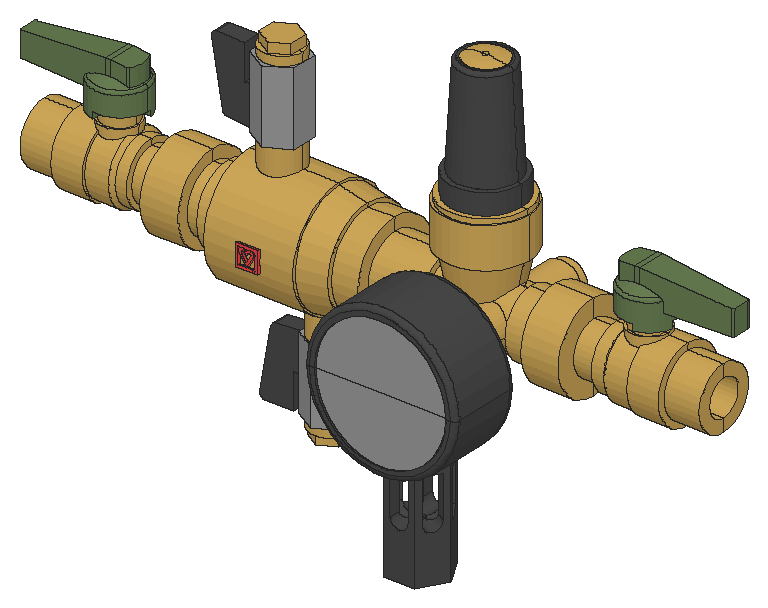
Revit family "Systemtrenner Nachfüll 0305", category Rohrzubehör, Revit 2021
Family settings
  Bemaßung runder Anschluss = Durchmesser verwenden
  Teiletyp = Unterbricht
  OmniClass-Nummer = 23.65.55.14
  OmniClass-Titel = Valves for Liquid Services
  Arbeitsebenenbasiert = Nein
  Immer vertikal = Ja
  Beim Laden mit Abzugskörper schneiden = Nein
  Gemeinsam genutzt = Nein
Parameters
  Vorgabe-Ansicht = 0.000 mm
  Voreingestellter Druck (werkseitig) = 150000.0 Pa  # constant formula
  W02 = 80.00°  # constant formula
  W01 = 45.00°  # constant formula
  URL = "www.herz-armaturen.at"
  SC_NennweiteBerechnet = 0
  SC_Dimension = ""
  SCTWSEQ = "AW;SBT_TYP_AW=\"104\";2"
  SCTWCODE = "04;12;02"  # constant formula
  S08 = 65.000 mm  # constant formula
  S07 = 75.000 mm  # constant formula
  S06 = 27.000 mm  # constant formula
  S05 = 8.000 mm  # constant formula
  S04 = 20.000 mm  # constant formula
  S03 = 40.000 mm  # constant formula
  S02 [instance] = L17 + L18 + L19 + L20 + L21  # 74.900 mm
  S01 [instance] = D02 - 2.000 mm  # 13.200 mm
  R08 = 8.500 mm  # constant formula
  R07 = 31.000 mm  # constant formula
  R06 = 7.300 mm  # constant formula
  R05 = 6.500 mm  # constant formula
  R04 = 7.500 mm  # constant formula
  R03 = 8.500 mm  # constant formula
  R02 = 7.000 mm  # constant formula
  R01 = 8.000 mm  # constant formula
  Nennweite [instance] = 15.000 mm
  Medium = "Wasser"  # constant formula
  Max. Betriebstemperatur (Kurzzeitig) = 85 °C  # constant formula
  Max. Betriebstemperatur = 65 °C  # constant formula
  Max. Betriebsdruck = 1000000.0 Pa  # constant formula
  L29 = 28.800 mm  # constant formula
  L28 = 85.300 mm  # constant formula
  L27 = 44.500 mm  # constant formula
  L26 = 48.500 mm  # constant formula
  L25 = 28.600 mm  # constant formula
  L24 = 10.100 mm  # constant formula
  L23 = 34.000 mm  # constant formula
  L22 = 22.000 mm  # constant formula
  L21 = 11.000 mm  # constant formula
  L20 = 12.000 mm  # constant formula
  L19 = 36.700 mm  # constant formula
  L18 = 8.700 mm  # constant formula
  L17 = 6.500 mm  # constant formula
  L16 = 70.500 mm  # constant formula
  L15 = 18.800 mm  # constant formula
  L14 = 30.000 mm  # constant formula
  L13 = 8.700 mm  # constant formula
  L12 = 4.800 mm  # constant formula
  L11 = 4.000 mm  # constant formula
  L10 = 23.300 mm  # constant formula
  L09 = 26.200 mm  # constant formula
  L08 = 15.500 mm  # constant formula
  L07 [instance] = size_lookup("0305_", "L7", 1.000 mm, Nennweite)  # 53.500 mm
  L06 [instance] = size_lookup("0305_", "L6", 1.000 mm, Nennweite)  # 30.700 mm
  L05 = 4.800 mm  # constant formula
  L04 = 10.000 mm  # constant formula
  L03 = 13.000 mm  # constant formula
  L02 [instance] = size_lookup("0305_", "L2", 1.000 mm, Nennweite)  # 14.600 mm
  L01 [instance] = size_lookup("0305_", "L1", 1.000 mm, Nennweite)  # 56.000 mm
  L00 [instance] = size_lookup("0305_", "L", 1.000 mm, Nennweite)  # 139.500 mm
  IG [instance] = Nennweite / 2  # 7.500 mm
  Hinweis = "Gemäß Art 33 der REACH-Verordnung (EG Nr. 1907/2006) sind wir verpflichtet, darauf hinzuweisen, dass der Stoff Blei auf der SVHC-Liste geführt wird und dass alle aus Messing bestehenden Bauteile, die in unseren Erzeugnissen verarbeitet sind, mehr als 0,1 % (w/w) Blei (CAS: 7439-92-1 / EINECS: 231-100-4) enthalten.\r\nDa Blei als Legierungsbestandteil fest gebunden ist, sind keine Expositionen zu erwarten und daher sind keine zusätzlichen Angaben zur sicheren Verwendung notwendig."
  Hersteller = "HERZ Armaturen Ges.m.b.H."  # constant formula
  Gehäuse = "Messing, CW617N"  # constant formula
  GT [instance] = size_lookup("0305_", "GT", 1.000 mm, Nennweite)  # 12.500 mm
  Einbaulage = "waagerecht"  # constant formula
  Dichtungen = "EPDM entsprechend KTW"  # constant formula
  D18 = 92.300 mm  # constant formula
  D17 = 66.500 mm  # constant formula
  D16 = 66.700 mm  # constant formula
  D15 = 12.200 mm  # constant formula
  D14 = 14.200 mm  # constant formula
  D13 = 19.200 mm  # constant formula
  D12 = 22.800 mm  # constant formula
  D11 = 23.700 mm  # constant formula
  D10 = 16.300 mm  # constant formula
  D09 = 13.500 mm  # constant formula
  D08 = 18.000 mm  # constant formula
  D07 = 22.000 mm  # constant formula
  D06 = 16.000 mm  # constant formula
  D05 = 10.600 mm  # constant formula
  D04 = 12.900 mm  # constant formula
  D03 = 14.400 mm  # constant formula
  D02 = 15.200 mm  # constant formula
  D01 [instance] = size_lookup("0305_", "D1", 1.000 mm, Nennweite)  # 12.600 mm
  Bestellnummer [instance] = if(Nennweite = 15.000 mm, "I030501", if(Nennweite = 20.000 mm, "I030502", "0"))  # "I030501"
  Ausgangsdruck (regelbar) = "0.5-3 bar"  # constant formula
  Anwendung = "Systemtrenner haben gemäß EN 1717 die Aufgabe ein Rückdrücken, Rückfließen oder Rücksaugen von verschmutztem Wasser in das Trinkwassernetz zu verhindern.\r\nDer Einsatzbereich ist überall dort wo eine Verbindung zwischen dem Trinkwassernetz und Nutzwasser durch feste oder flexible Leitungen hergestellt wird.\r\nBevorzugte Anwendungsgebiete sind Enthärtungs-, Entsäuerungs- und Entkarbonisierungsanlagen.\r\nAußerdem können die Systemtrenner in Desinfektionsanlagen oder vor chemischen Reinigungsapparaten eingesetzt werden um das Rückfließen von chemisch belastetem Wasser zu verhindern."
Reference planes
  plane 1 "Mitte (Vorne/hinten)": y = 0
  plane 2: z = 0
  plane 3 "Mitte (Links/rechts)": x = 0
Forms (mm)
  Revolve 1, solid, material "Messing, weicher Gelbton, geschweißt", detail levels fine
    sketch origin (0, 0, 0) x (1, 0, 0) y (0, 0, 1)
      loop
        line (-127, 0) -> (-83.5, 0) -> (-83.5, 10.6) -> (-95.6, 10.6) -> (-95.6, 12.9) -> (-100.4, 12.9) -> (-101.9, 14.4) -> (-111.9, 14.4) -> (-111.9, 15.2) -> (-124.9, 15.2) -> (-124.9, 12.6) -> (-139.5, 12.6) -> (-139.5, 7.5) -> (-127, 7.5) -> (-127, 0)
      axis (-139.5, 0) -> (-83.5, 0)
    angle from 0 to 360
  Revolve 2, solid, material "Messing, weicher Gelbton, geschweißt", detail levels fine
    sketch origin (0, 0, 0) x (1, 0, 0) y (0, 0, 1)
      loop
        line (-100.8, 0) -> (-100.8, 16) -> (-101.8, 16) -> (-101.8, 22) -> (-108.8, 22) -> (-108.8, 0) -> (-100.8, 0)
      axis (-108.8, 22) -> (-108.8, 0)
    angle from 0 to 360
  Revolve 3, solid, material "Messing, weicher Gelbton, geschweißt", detail levels fine
    sketch origin (0, 0, 0) x (-1, 0, 0) y (0, 0, 1)
      loop
        line (-127, 0) -> (-83.5, 0) -> (-83.5, 10.6) -> (-95.6, 10.6) -> (-95.6, 12.9) -> (-100.4, 12.9) -> (-101.9, 14.4) -> (-111.9, 14.4) -> (-111.9, 15.2) -> (-124.9, 15.2) -> (-124.9, 12.6) -> (-139.5, 12.6) -> (-139.5, 7.5) -> (-127, 7.5) -> (-127, 0)
      axis (-139.5, 0) -> (-83.5, 0)
    angle from 0 to 360
  Revolve 4, solid, material "Messing, weicher Gelbton, geschweißt", detail levels fine
    sketch origin (0, 0, 0) x (-1, 0, 0) y (0, 0, 1)
      loop
        line (-100.8, 0) -> (-100.8, 16) -> (-101.8, 16) -> (-101.8, 22) -> (-108.8, 22) -> (-108.8, 0) -> (-100.8, 0)
      axis (-108.8, 22) -> (-108.8, 0)
    angle from 0 to 360
  Revolve 5, solid, material "Kunststoff GRÜN", detail levels fine
    sketch origin (-98.3, 0, 19.6) x (1, 0, 0) y (0, 0, 1)
      loop
        line (-10.5, 0) -> (0.9, 0) -> (0.9, 10.964)
        arc (0.9, 10.964) -> (0.673, 11.758) -> (0.059, 12.311) r 1.5
        line (0.059, 12.311) -> (-8.5, 16.5) -> (-10.5, 16.5) -> (-10.5, 0)
      axis (-10.5, 16.5) -> (-10.5, 0)
    angle from 0 to 360
  Extrusion 6, void
    sketch origin (-98.3, 0, 0) x (1, 0, 0) y (0, 1, 0)
      loop
        arc (-8.4, 11.205) -> (-18.561, 8.061) -> (-21.705, -2.1) r 11.4
        line (-21.705, -2.1) -> (-17.178, -2.1)
        arc (-17.178, -2.1) -> (-15.45, -4.95) -> (-12.6, -6.678) r 7
        line (-12.6, -6.678) -> (-12.6, -11.205)
        arc (-12.6, -11.205) -> (-2.439, -8.061) -> (0.705, 2.1) r 11.4
        line (0.705, 2.1) -> (-3.822, 2.1)
        arc (-3.822, 2.1) -> (-5.55, 4.95) -> (-8.4, 6.678) r 7
        line (-8.4, 6.678) -> (-8.4, 11.205)
    from 19.6 to 22.3
  Extrusion 7, solid, material "Kunststoff GRÜN", detail levels fine
    sketch origin (-98.3, 0, 0) x (1, 0, 0) y (0, 1, 0)
      loop
        line (-48.5, 3.242) -> (-48.5, -3.242)
        arc (-48.5, -3.242) -> (-48.281, -3.792) -> (-47.743, -4.041) r 0.8
        line (-47.743, -4.041) -> (-11.5, -5.987) -> (-9.5, -5.987) -> (-3.01, -5.535)
        arc (-3.01, -5.535) -> (-2.552, -5.387) -> (-2.216, -5.042) r 1
        arc (-2.216, -5.042) -> (-0.852, 0) -> (-2.216, 5.042) r 10
        arc (-2.216, 5.042) -> (-2.552, 5.387) -> (-3.01, 5.535) r 1
        line (-3.01, 5.535) -> (-9.5, 5.987) -> (-10.5, 5.987) -> (-11.5, 5.987) -> (-47.743, 4.041)
        arc (-47.743, 4.041) -> (-48.281, 3.792) -> (-48.5, 3.242) r 0.8
    from 26.6 to 40.1
  Extrusion 8, void
    sketch origin (-108.8, 0, 0) x (1, 0, 0) y (0, 0, 1)
      loop
        line (1, 40.1) -> (10.462, 39.272) -> (10.462, 41.682) -> (-40.279, 41.682) -> (-40.279, 36.664) -> (-1, 40.1) -> (0, 40.1) -> (1, 40.1)
    from 8 to -8
  Revolve 9, solid, material "Kunststoff GRÜN", detail levels fine
    sketch origin (98.3, 0, 19.6) x (-1, 0, 0) y (0, 0, -1)
      loop
        line (-10.5, 0) -> (-10.5, -16.5) -> (-8.5, -16.5) -> (0.059, -12.311)
        arc (0.059, -12.311) -> (0.673, -11.758) -> (0.9, -10.964) r 1.5
        line (0.9, -10.964) -> (0.9, 0) -> (-10.5, 0)
      axis (-10.5, -16.5) -> (-10.5, 0)
    angle from 0 to 360
  Extrusion 10, void
    sketch origin (98.3, 0, 0) x (-1, 0, 0) y (0, -1, 0)
      loop
        line (-8.4, -11.205) -> (-8.4, -6.678)
        arc (-8.4, -6.678) -> (-5.55, -4.95) -> (-3.822, -2.1) r 7
        line (-3.822, -2.1) -> (0.705, -2.1)
        arc (0.705, -2.1) -> (-2.439, 8.061) -> (-12.6, 11.205) r 11.4
        line (-12.6, 11.205) -> (-12.6, 6.678)
        arc (-12.6, 6.678) -> (-15.45, 4.95) -> (-17.178, 2.1) r 7
        line (-17.178, 2.1) -> (-21.705, 2.1)
        arc (-21.705, 2.1) -> (-18.561, -8.061) -> (-8.4, -11.205) r 11.4
    from 19.6 to 22.3
  Extrusion 11, solid, material "Kunststoff GRÜN", detail levels fine
    sketch origin (98.3, 0, 0) x (-1, 0, 0) y (0, -1, 0)
      loop
        arc (-48.5, -3.242) -> (-48.281, -3.792) -> (-47.743, -4.041) r 0.8
        line (-47.743, -4.041) -> (-11.5, -5.987) -> (-10.5, -5.987) -> (-9.5, -5.987) -> (-3.01, -5.535)
        arc (-3.01, -5.535) -> (-2.552, -5.387) -> (-2.216, -5.042) r 1
        arc (-2.216, -5.042) -> (-0.852, 0) -> (-2.216, 5.042) r 10
        arc (-2.216, 5.042) -> (-2.552, 5.387) -> (-3.01, 5.535) r 1
        line (-3.01, 5.535) -> (-9.5, 5.987) -> (-11.5, 5.987) -> (-47.743, 4.041)
        arc (-47.743, 4.041) -> (-48.281, 3.792) -> (-48.5, 3.242) r 0.8
        line (-48.5, 3.242) -> (-48.5, -3.242)
    from 26.6 to 40.1
  Extrusion 12, void
    sketch origin (108.8, 0, 0) x (-1, 0, 0) y (0, 0, -1)
      loop
        line (1, -40.1) -> (0, -40.1) -> (-1, -40.1) -> (-40.279, -36.664) -> (-40.279, -41.682) -> (10.462, -41.682) -> (10.462, -39.272) -> (1, -40.1)
    from 8 to -8
  Revolve 13, solid, material "Messing, weicher Gelbton, geschweißt", detail levels fine
    sketch origin (0, 0, 0) x (1, 0, 0) y (0, 0, 1)
      loop
        line (-86, 0) -> (-70.5, 0) -> (-70.5, 18) -> (-86, 18) -> (-86, 0)
      axis (-86, 0) -> (-70.5, 0)
    angle from 0 to 360
  Revolve 14, solid, material "Messing, weicher Gelbton, geschweißt", detail levels fine
    sketch origin (0, 0, 0) x (-1, 0, 0) y (0, 0, 1)
      loop
        line (-86, 0) -> (-70.5, 0) -> (-70.5, 18) -> (-86, 18) -> (-86, 0)
      axis (-86, 0) -> (-70.5, 0)
    angle from 0 to 360
  Revolve 15, solid, material "Messing, weicher Gelbton, geschweißt", detail levels fine
    sketch origin (0, 0, 0) x (1, 0, 0) y (0, 1, 0)
      loop
        line (59.2, 26.2) -> (59.2, 30.2) -> (51.7, 30.2) -> (51.7, -28.1) -> (58.2, -28.1) -> (58.2, -23.3) -> (60.2, -23.3) -> (60.2, 26.2) -> (59.2, 26.2)
      axis (51.7, 30.2) -> (51.7, -28.1)
    angle from 0 to 360
  Revolve 16, solid, material "Kunststoff - SCHWARZ", detail levels fine
    sketch origin (0, 0, 0) x (1, 0, 0) y (0, 1, 0)
      loop
        line (51.7, -28.1) -> (51.7, -64.8) -> (78.7, -64.8) -> (78.7, -66.8) -> (80.7, -66.8)
        arc (80.7, -66.8) -> (82.114, -66.214) -> (82.7, -64.8) r 2
        line (82.7, -64.8) -> (82.7, -38.8)
        arc (82.7, -38.8) -> (82.114, -37.386) -> (80.7, -36.8) r 2
        line (80.7, -36.8) -> (59, -36.8) -> (59, -28.1) -> (51.7, -28.1)
      axis (51.7, -28.1) -> (51.7, -66.8)
    angle from 0 to 360
  Revolve 17, solid, material "Messing, weicher Gelbton, geschweißt", detail levels fine
    sketch origin (0, 0, 0) x (1, 0, 0) y (0, 0, 1)
      loop
        line (-70.5, 0) -> (70.5, 0) -> (70.5, 13.5) -> (60.4, 13.5) -> (60.4, 12.2) -> (26.4, 12.2) -> (26.4, 14.2) -> (4.4, 14.2) -> (4.4, 19.2) -> (-6.6, 19.2) -> (-6.6, 20.684) -> (-18.6, 22.8) -> (-18.6, 23.7) -> (-55.3, 23.7) -> (-55.3, 16.3) -> (-64, 16.3) -> (-64, 13.5) -> (-70.5, 13.5) -> (-70.5, 0)
      axis (-70.5, 0) -> (70.5, 0)
    angle from 0 to 360
  Revolve 18, solid, material "Messing, weicher Gelbton, geschweißt", detail levels fine
    sketch origin (0, 0, 0) x (1, 0, 0) y (0, 0, 1)
      loop
        line (-41.9, 0) -> (-33.4, 0) -> (-33.4, 66.7) -> (-41.9, 66.7) -> (-41.9, 0)
      axis (-41.9, 0) -> (-41.9, 66.7)
    angle from 0 to 360
  Revolve 19, solid, material "Messing, weicher Gelbton, geschweißt", detail levels fine
    sketch origin (0, 0, 0) x (1, 0, 0) y (0, 0, -1)
      loop
        line (-22, 0) -> (-13.5, 0) -> (-13.5, 66.7) -> (-22, 66.7) -> (-22, 0)
      axis (-22, 0) -> (-22, 66.7)
    angle from 0 to 360
  Extrusion 20, solid, material "Messing, weicher Gelbton, geschweißt", detail levels fine
    sketch origin (0, 0, 0) x (1, 0, 0) y (0, 1, 0)
      loop
        line (-41.9, 7.5) -> (-48.395, 3.75) -> (-48.395, -3.75) -> (-41.9, -7.5) -> (-35.405, -3.75) -> (-35.405, 3.75) -> (-41.9, 7.5)
    from 66.7 <- "D16" to 70.7
  Extrusion 21, solid, material "Messing, weicher Gelbton, geschweißt", detail levels fine
    sketch origin (0, 0, 0) x (1, 0, 0) y (0, 1, 0)
      loop
        line (-22, 7.5) -> (-28.495, 3.75) -> (-28.495, -3.75) -> (-22, -7.5) -> (-15.505, -3.75) -> (-15.505, 3.75) -> (-22, 7.5)
    from -70.7 to -66.7
  Extrusion 22, solid, material "Aluminium 3003-H16", detail levels fine
    sketch origin (0, 0, 0) x (1, 0, 0) y (0, 1, 0)
      loop
        line (-41.9, 10.5) -> (-50.993, 5.25) -> (-50.993, -5.25) -> (-41.9, -10.5) -> (-32.807, -5.25) -> (-32.807, 5.25) -> (-41.9, 10.5)
    from 33.3 to 63.3
  Extrusion 23, solid, material "Aluminium 3003-H16", detail levels fine
    sketch origin (0, 0, 0) x (1, 0, 0) y (0, 1, 0)
      loop
        line (-22, 10.5) -> (-31.093, 5.25) -> (-31.093, -5.25) -> (-22, -10.5) -> (-12.907, -5.25) -> (-12.907, 5.25) -> (-22, 10.5)
    from -63.3 to -33.3
  Extrusion 24, solid, material "Kunststoff - SCHWARZ", detail levels fine
    sketch origin (0, 0, 0) x (1, 0, 0) y (0, 0, 1)
      loop
        line (-31.093, -33.8) -> (-41.854, -34.675)
        arc (-41.854, -34.675) -> (-43.039, -35.189) -> (-43.662, -36.321) r 2
        line (-43.662, -36.321) -> (-48.186, -61.952)
        arc (-48.186, -61.952) -> (-47.748, -63.585) -> (-46.216, -64.3) r 2
        line (-46.216, -64.3) -> (-34.4, -64.3) -> (-34.4, -49.8) -> (-22, -49.8) -> (-22, -33.8) -> (-31.093, -33.8)
    from -3.5 to 3.5
  Extrusion 25, solid, material "Kunststoff - SCHWARZ", detail levels fine
    sketch origin (-20, 0, 0) x (1, 0, 0) y (0, 0, 1)
      loop
        line (-31.093, 33.8) -> (-22, 33.8) -> (-22, 49.8) -> (-34.4, 49.8) -> (-34.4, 64.3) -> (-46.216, 64.3)
        arc (-46.216, 64.3) -> (-47.748, 63.585) -> (-48.186, 61.952) r 2
        line (-48.186, 61.952) -> (-43.662, 36.321)
        arc (-43.662, 36.321) -> (-43.039, 35.189) -> (-41.854, 34.675) r 2
        line (-41.854, 34.675) -> (-31.093, 33.8)
    from -3.5 to 3.5
  Revolve 26, solid, material "Messing, weicher Gelbton, geschweißt", detail levels fine
    sketch origin (0, 0, 0) x (1, 0, 0) y (0, 0, 1)
      loop
        line (-26, 0) -> (9.709, -35.709) -> (14.517, -30.901) -> (13.103, -29.486) -> (14.164, -28.426) -> (11.335, -25.597) -> (12.042, -24.89) -> (-19.424, 6.576) -> (-26, 0)
      axis (-26, 0) -> (9.709, -35.709)
    angle from 0 to 360
  Revolve 27, solid, material "Messing, weicher Gelbton, geschweißt", detail levels fine
    sketch origin (0, 0, 0) x (1, 0, 0) y (0, 0, 1)
      loop
        line (14.8, -48) -> (14.8, -66.5) -> (21.3, -66.5) -> (21.3, -65.5) -> (24.6, -65.5) -> (24.6, -54) -> (23.1, -54) -> (23.1, -50) -> (21.6, -50) -> (21.6, -48) -> (14.8, -48)
      axis (14.8, -48) -> (14.8, -66.5)
    angle from 0 to 360
  SweptBlend 28, solid, material "Messing, weicher Gelbton, geschweißt", detail levels fine
    path origin (0, 0, 0) x (1, 0, 0) y (0, 0, 1)
      loop
        arc (14.8, -48) -> (13.5, -41.338) -> (9.709, -35.709) r 17.079
    profile origin (14.8, 0, -48) x (-0.999973, 0, 0.007372) y (0, -1, 0)
      loop
        circle (0, 0) r 6.8
    end profile origin (9.709, 0, -35.709) x (-0.701878, 0, -0.712297) y (0, -1, 0)
      loop
        circle (0, 0) r 6.8
  Extrusion 29, solid, material "Kunststoff - SCHWARZ", detail levels fine
    sketch origin (1.983, -7.4, 0) x (0.866025, 0.5, 0) y (-0.5, 0.866025, 0)
      loop
        line (14.8, 12.5) -> (3.975, 6.25) -> (3.975, -6.25) -> (14.8, -12.5) -> (25.625, -6.25) -> (25.625, 6.25) -> (14.8, 12.5)
    from -107 to -58
  Extrusion 30, void
    sketch origin (0, 0, 0) x (1, 0, 0) y (0, 0, 1)
      loop
        line (11.05, -66.5) -> (11.05, -84.05)
        arc (11.05, -84.05) -> (14.8, -87.8) -> (18.55, -84.05) r 3.75
        line (18.55, -84.05) -> (18.55, -66.5) -> (11.05, -66.5)
    from 1 to 12
  Extrusion 31, void
    sketch origin (22.2, 12.817, 0) x (-0.5, -0.866025, 0) y (0, 0, -1)
      loop
        line (11.05, 66.5) -> (18.55, 66.5) -> (18.55, 84.05)
        arc (18.55, 84.05) -> (14.8, 87.8) -> (11.05, 84.05) r 3.75
        line (11.05, 84.05) -> (11.05, 66.5)
    from -12 to -1
  Extrusion 32, void
    sketch origin (22.2, -12.817, 0) x (-0.5, 0.866025, 0) y (0, 0, 1)
      loop
        line (11.05, -66.5) -> (11.05, -84.05)
        arc (11.05, -84.05) -> (14.8, -87.8) -> (18.55, -84.05) r 3.75
        line (18.55, -84.05) -> (18.55, -66.5) -> (11.05, -66.5)
    from -12 to -1
  Extrusion 33, void
    sketch origin (0, 0, 0) x (1, 0, 0) y (0, 0, 1)
      loop
        line (11.05, -66.5) -> (11.05, -84.05)
        arc (11.05, -84.05) -> (14.8, -87.8) -> (18.55, -84.05) r 3.75
        line (18.55, -84.05) -> (18.55, -66.5) -> (11.05, -66.5)
    from -12 to -1
  Extrusion 34, void
    sketch origin (22.2, -12.817, 0) x (-0.5, 0.866025, 0) y (0, 0, -1)
      loop
        line (11.05, 66.5) -> (18.55, 66.5) -> (18.55, 84.05)
        arc (18.55, 84.05) -> (14.8, 87.8) -> (11.05, 84.05) r 3.75
        line (11.05, 84.05) -> (11.05, 66.5)
    from -12 to -1
  Extrusion 35, void
    sketch origin (22.2, 12.817, 0) x (-0.5, -0.866025, 0) y (0, 0, 1)
      loop
        line (11.05, -66.5) -> (11.05, -84.05)
        arc (11.05, -84.05) -> (14.8, -87.8) -> (18.55, -84.05) r 3.75
        line (18.55, -84.05) -> (18.55, -66.5) -> (11.05, -66.5)
    from -12 to -1
  Extrusion 36, void
    sketch origin (0, 0, 0) x (1, 0, 0) y (0, 1, 0)
      loop
        circle (14.8, 0) r 2
    from -88.4 to -66.5
  Revolve 37, solid, material "Messing, weicher Gelbton, geschweißt", detail levels fine
    sketch origin (0, 0, 0) x (1, 0, 0) y (0, 0, 1)
      loop
        line (41.7, 0) -> (52.967, 0) -> (57.7, 22.6) -> (59.7, 22.6) -> (59.7, 39.2) -> (58.9, 39.2) -> (58.9, 41.2) -> (41.7, 41.2) -> (41.7, 0)
      axis (41.7, 41.2) -> (41.7, 0)
    angle from 0 to 360
  Revolve 38, solid, material "Kunststoff - SCHWARZ", detail levels fine
    sketch origin (0, 0, 0) x (1, 0, 0) y (0, 0, 1)
      loop
        line (41.7, 41.2) -> (56.7, 41.2) -> (56.7, 49.7) -> (54.7, 49.7) -> (52.769, 89.772)
        arc (52.769, 89.772) -> (52.305, 90.786) -> (51.271, 91.2) r 1.5
        line (51.271, 91.2) -> (41.7, 91.2) -> (41.7, 41.2)
      axis (41.7, 91.2) -> (41.7, 41.2)
    angle from 0 to 360
  Revolve 39, solid, material "Messing, weicher Gelbton, geschweißt", detail levels fine
    sketch origin (0, 0, 0) x (1, 0, 0) y (0, 0, 1)
      loop
        line (41.7, 90.224) -> (50.2, 90.224) -> (50.2, 91.262)
        arc (50.2, 91.262) -> (46.695, 92.029) -> (43.118, 92.3) r 25.716
        line (43.118, 92.3) -> (41.7, 92.3) -> (41.7, 90.224)
      axis (41.7, 92.3) -> (41.7, 90.224)
    angle from 0 to 360
  Revolve 40, solid, material "Acetalharz, Weiß", detail levels fine
    sketch origin (0, 0, 0) x (1, 0, 0) y (0, 1, 0)
      loop
        line (51.7, -64.8) -> (51.7, -66.3) -> (78.7, -66.3) -> (78.7, -64.8) -> (51.7, -64.8)
      axis (51.7, -66.3) -> (51.7, -64.8)
    angle from 0 to 360
Cuts and joins
  Extrusion 6, Extrusion 10 cuts Revolve 5
  Extrusion 8, Extrusion 12 cuts Extrusion 7
  Extrusion 10 cuts Revolve 2
  Extrusion 10 cuts Revolve 9
  Extrusion 12 cuts Extrusion 11
  Extrusion 30, Extrusion 31, Extrusion 32, Extrusion 33, Extrusion 34, Extrusion 35, Extrusion 36 cuts Revolve 27
  Extrusion 30, Extrusion 31, Extrusion 32, Extrusion 33, Extrusion 34, Extrusion 35, Extrusion 36 cuts Extrusion 29
Lines and regions (mm)
  model lines
    curve 1: line (-70.5, 0, 0) -> (4.4, 0, 0)
  model lines, detail levels coarse+medium
    curve 2: line (-139.5, 0, 15.2) -> (-139.5, 0, -15.2)
    curve 3: line (-139.5, 0, -15.2) -> (-83.5, 0, 15.2)
    curve 4: line (-83.5, 0, 15.2) -> (-83.5, 0, -15.2)
    curve 5: line (-83.5, 0, -15.2) -> (-139.5, 0, 15.2)
    curve 6: circle (-111.5, 0, 0) r 13.2 normal (0, -1, 0)
    curve 7: line (139.5, 0, 15.2) -> (139.5, 0, -15.2)
    curve 8: line (139.5, 0, -15.2) -> (83.5, 0, 15.2)
    curve 9: line (83.5, 0, 15.2) -> (83.5, 0, -15.2)
    curve 10: line (83.5, 0, -15.2) -> (139.5, 0, 15.2)
    curve 11: circle (111.5, 0, 0) r 13.2 normal (0, 1, 0)
    curve 12: line (-70.5, 0, 23.7) -> (4.4, 0, 23.7)
    curve 13: line (-70.5, 0, -23.7) -> (-70.5, 0, 23.7)
    curve 14: line (4.4, 0, -23.7) -> (-70.5, 0, -23.7)
    curve 15: line (4.4, 0, 23.7) -> (4.4, 0, -23.7)
    curve 16: line (-83.5, 0, 0) -> (-70.5, 0, 0)
    curve 17: line (-70.5, 0, 15.7) -> (-30.5, 0, 15.7)
    curve 18: line (-15.6, 0, 15.7) -> (4.4, 0, 15.7)
    curve 19: line (-70.5, 0, -15.7) -> (-30.5, 0, -15.7)
    curve 20: line (-15.6, 0, -15.7) -> (4.4, 0, -15.7)
    curve 21: line (4.4, 0, 0) -> (83.5, 0, 0)
    curve 22: circle (51.592, 0, 47) r 27 normal (0, -1, 0)
    curve 23: line (35.682, 0, 31.09) -> (67.502, 0, 62.91)
    curve 24: line (67.502, 0, 62.91) -> (67.502, 0, 52.91)
    curve 25: line (67.502, 0, 62.91) -> (57.502, 0, 62.91)
    curve 26: line (51.592, 0, 20) -> (51.592, 0, 0)
    curve 27: line (4.4, 0, -23.7) -> (4.4, 0, -75)
    curve 28: line (-8.1, 0, -65) -> (16.9, 0, -65)
    curve 29: line (-139.5, 15.2, 0) -> (-139.5, -15.2, 0)
    curve 30: line (-139.5, -15.2, 0) -> (-83.5, 15.2, 0)
    curve 31: line (-83.5, 15.2, 0) -> (-83.5, -15.2, 0)
    curve 32: line (-83.5, -15.2, 0) -> (-139.5, 15.2, 0)
    curve 33: circle (-111.5, 0, 0) r 13.2 normal (0, 0, 1)
    curve 34: line (139.5, 15.2, 0) -> (139.5, -15.2, 0)
    curve 35: line (139.5, -15.2, 0) -> (83.5, 15.2, 0)
    curve 36: line (83.5, 15.2, 0) -> (83.5, -15.2, 0)
    curve 37: line (83.5, -15.2, 0) -> (139.5, 15.2, 0)
    curve 38: circle (111.5, 0, 0) r 13.2 normal (0, 0, -1)
    curve 39: circle (41.3, 36.063, 0) r 27 normal (0, 0, 1)
    curve 40: line (25.39, 20.154, 0) -> (57.21, 51.973, 0)
    curve 41: line (57.21, 51.973, 0) -> (57.21, 41.973, 0)
    curve 42: line (57.21, 51.973, 0) -> (47.21, 51.973, 0)
    curve 43: line (41.3, 9.063, 0) -> (41.3, 0, 0)
    curve 44: line (-70.5, 23.7, 0) -> (4.4, 23.7, 0)
    curve 45: line (-70.5, -23.7, 0) -> (-70.5, 23.7, 0)
    curve 46: line (4.4, -23.7, 0) -> (-70.5, -23.7, 0)
    curve 47: line (4.4, 23.7, 0) -> (4.4, -23.7, 0)
    curve 48: line (-70.5, 15.7, 0) -> (-30.5, 15.7, 0)
    curve 49: line (4.4, 15.7, 0) -> (-15.6, 15.7, 0)
    curve 50: line (-70.5, -15.7, 0) -> (-30.5, -15.7, 0)
    curve 51: line (4.4, -15.7, 0) -> (-15.6, -15.7, 0)
    curve 52: line (4.4, -23.7, 0) -> (4.4, -75, 0)
    curve 53: line (-8.1, -65, 0) -> (16.9, -65, 0)
Dimensions and locks
  "IG": Revolve 1 sketch curve to plane 2
  "L01": Revolve 1 sketch curve to Revolve 1 sketch curve
  "L02": Revolve 1 sketch curve to Revolve 1 sketch curve
  "L03": Revolve 1 sketch curve to Revolve 1 sketch curve
  "L04": Revolve 1 sketch curve to Revolve 1 sketch curve
  "L05": Revolve 1 sketch curve to Revolve 1 sketch curve
  "D01": Revolve 1 sketch curve to plane 2
  "D02": Revolve 1 sketch curve to Revolve 1 sketch curve
  "D03": Revolve 1 sketch curve to plane 2
  "D04": Revolve 1 sketch curve to plane 2
  "D05": Revolve 1 sketch curve to plane 2
  "R01": Revolve 2 sketch curve to Revolve 2 sketch curve
  "L06": Revolve 1 to Revolve 2 sketch curve
  "D06": Revolve 2 sketch curve to plane 2
  "R02": Revolve 2 sketch curve to Revolve 2 sketch curve
  "D07": Revolve 2 sketch curve to plane 2
  "L00": plane 3 "Mitte (Links/rechts)" to Revolve 1 sketch curve
  "L01": Revolve 3 sketch curve to Revolve 3 sketch curve
  "L02": Revolve 3 sketch curve to Revolve 3 sketch curve
  "L03": Revolve 3 sketch curve to Revolve 3 sketch curve
  "L04": Revolve 3 sketch curve to Revolve 3 sketch curve
  "L05": Revolve 3 sketch curve to Revolve 3 sketch curve
  "D02": Revolve 3 sketch curve to Revolve 3 sketch curve
  "R01": Revolve 4 sketch curve to Revolve 4 sketch curve
  "L06": Revolve 3 to Revolve 4 sketch curve
  "R02": Revolve 4 sketch curve to Revolve 4 sketch curve
  "L00": plane 3 "Mitte (Links/rechts)" to Revolve 3 sketch curve
  "L06": Revolve 5 sketch curve to Revolve 1
  cut or joined group of Revolve 5, Extrusion 6, Extrusion 10 to plane 2 = 22.300 mm
  Extrusion 10 to plane 2 = 22.300 mm
  "L06": Revolve 9 sketch curve to Revolve 3
  "L07": Revolve 13 sketch curve to Revolve 1
  "L08": Revolve 13 sketch curve to Revolve 13 sketch curve
  "D08": Revolve 13 sketch curve to plane 2
  "L08": Revolve 14 sketch curve to Revolve 14 sketch curve
  "L07": Revolve 14 sketch curve to Revolve 3
  "D08": Revolve 14 sketch curve to plane 2
  "IG": Revolve 3 sketch curve to plane 2
  "D01": Revolve 3 sketch curve to plane 2
  "D05": Revolve 3 sketch curve to plane 2
  "D04": Revolve 3 sketch curve to plane 2
  "D03": Revolve 3 sketch curve to plane 2
  "D06": Revolve 4 sketch curve to plane 2
  "D07": Revolve 4 sketch curve to plane 2
  "L06": Extrusion 11 sketch curve to Revolve 3
  "L06": Revolve 1 to Extrusion 7 sketch curve
  cut or joined group of Extrusion 7, Extrusion 8, Extrusion 12 to Extrusion 7 sketch curve = 38.000 mm
  Extrusion 11 sketch curve to cut or joined group of Extrusion 11, Extrusion 12 = 38.000 mm
  "L06": Revolve 1 to Extrusion 8 sketch curve
  "L06": Extrusion 12 sketch curve to Revolve 3
  "R03": Revolve 15 sketch curve to Revolve 15 sketch curve
  "L09": plane 1 "Mitte (Vorne/hinten)" to Revolve 15 sketch curve
  "L10": Revolve 15 sketch curve to plane 1 "Mitte (Vorne/hinten)"
  "R04": Revolve 15 sketch curve to Revolve 15 sketch curve
  "L11": Revolve 15 sketch curve to Revolve 15 sketch curve
  "R05": Revolve 15 sketch curve to Revolve 15 sketch curve
  "L15": Revolve 15 sketch curve to Revolve 14
  "L12": Revolve 15 sketch curve to Revolve 15 sketch curve
  "R06": Revolve 15 sketch curve to Revolve 16 sketch curve
  "L13": Revolve 16 sketch curve to Revolve 16 sketch curve
  "R07": Revolve 15 sketch curve to Revolve 16 sketch curve
  "L14": Revolve 16 sketch curve to Revolve 16 sketch curve
  "R07": Revolve 16 sketch curve to Revolve 16 sketch curve
  Revolve 16 sketch curve to Revolve 16 sketch curve = 7.300 mm
  "GT": Revolve 1 sketch curve to Revolve 1 sketch curve
  "GT": Revolve 3 sketch curve to Revolve 3 sketch curve
  "L16": plane 3 "Mitte (Links/rechts)" to Revolve 17 sketch curve
  "L17": Revolve 17 sketch curve to Revolve 17 sketch curve
  "L18": Revolve 17 sketch curve to Revolve 17 sketch curve
  "L19": Revolve 17 sketch curve to Revolve 17 sketch curve
  "L20": Revolve 17 sketch curve to Revolve 17 sketch curve
  "L21": Revolve 17 sketch curve to Revolve 17 sketch curve
  "L22": Revolve 17 sketch curve to Revolve 17 sketch curve
  "L23": Revolve 17 sketch curve to Revolve 17 sketch curve
  "L24": Revolve 17 sketch curve to Revolve 17 sketch curve
  "D09": Revolve 17 sketch curve to plane 2  (x2)
  "D10": Revolve 17 sketch curve to plane 2
  "D11": Revolve 17 sketch curve to plane 2
  "D15": Revolve 17 sketch curve to plane 2
  "D14": Revolve 17 sketch curve to plane 2
  "D13": Revolve 17 sketch curve to plane 2
  "D12": Revolve 17 sketch curve to plane 2
  "L06": Revolve 1 to Extrusion 6 sketch curve
  "L06": Extrusion 10 sketch curve to Revolve 3
  "L25": Revolve 13 to Revolve 18 sketch curve
  "R08": Revolve 18 sketch curve to Revolve 18 sketch curve
  "D16": Revolve 18 sketch curve to plane 2
  "R08": Revolve 19 sketch curve to Revolve 19 sketch curve
  "L26": Revolve 13 to Revolve 19 sketch curve
  "D16": plane 2 to Revolve 19 sketch curve
  "L25": Revolve 13 to Extrusion 20 sketch curve
  "L26": Revolve 13 to Extrusion 21 sketch curve
  "L25": Revolve 13 to Extrusion 22 sketch curve
  "L26": Revolve 13 to Extrusion 23 sketch curve
  "L27": Revolve 13 to Revolve 26 sketch curve
  "L28": Revolve 13 to Revolve 27 sketch curve
  "L29": Revolve 37 sketch curve to Revolve 14
  "D18": Revolve 39 sketch curve to plane 2
  Revolve 37 sketch curve to Revolve 37 sketch curve = 11.267 mm
  "D11": nested 1 to plane 1 "Mitte (Vorne/hinten)"
  "D02": curve 5 to plane 2 to curve 3
  "D02": curve 4 to plane 2 to curve 5
  "L00": plane 3 "Mitte (Links/rechts)" to curve 2
  "L01": curve 2 to curve 4
  "D02": curve 10 to plane 2 to curve 8
  "D02": curve 9 to plane 2 to curve 10
  "L00": curve 7 to plane 3 "Mitte (Links/rechts)"
  "L01": curve 9 to curve 7
  "L16": plane 3 "Mitte (Links/rechts)" to curve 13
  "S02": curve 15 to curve 13
  "D11": curve 12 to plane 2 to curve 14
  "S05": curve 19 to curve 14
  "S05": curve 12 to curve 17
  "S05": curve 12 to curve 18
  "S05": curve 20 to curve 14
  "S04": curve 18 to curve 15
  "S03": curve 17 to curve 13
  "S03": curve 19 to curve 13
  "S04": curve 20 to curve 15
  "S07": plane 2 to curve 27
  "S08": plane 2 to curve 28
  "L00": curve 29 to plane 3 "Mitte (Links/rechts)"
  "L01": curve 29 to curve 31
  "D02": curve 30 to plane 1 "Mitte (Vorne/hinten)" to curve 32
  "D02": curve 32 to plane 1 "Mitte (Vorne/hinten)" to curve 31
  equal spacing: curve 29, curve 33, curve 31
  equal spacing: curve 2, curve 6, curve 4
  equal spacing: curve 9, curve 11, curve 7
  "L01": curve 34 to curve 36
  "D02": curve 35 to plane 1 "Mitte (Vorne/hinten)" to curve 37
  "D02": curve 37 to plane 1 "Mitte (Vorne/hinten)" to curve 36
  equal spacing: curve 34, curve 38, curve 36
  "L00": plane 3 "Mitte (Links/rechts)" to curve 34
  "L16": curve 45 to plane 3 "Mitte (Links/rechts)"
  "S02": curve 45 to curve 47
  "D11": curve 46 to plane 1 "Mitte (Vorne/hinten)" to curve 44
  "S05": curve 48 to curve 44
  "S05": curve 44 to curve 49
  "S05": curve 51 to curve 46
  "S05": curve 46 to curve 50
  "S03": curve 45 to curve 48
  "S04": curve 49 to curve 47
  "S04": curve 51 to curve 47
  "S03": curve 45 to curve 50
  "S07": curve 52 to plane 1 "Mitte (Vorne/hinten)"
  "S08": curve 53 to plane 1 "Mitte (Vorne/hinten)"
  radius of cut or joined group of Extrusion 7, Extrusion 8, Extrusion 12 = 10.000 mm
  radius of cut or joined group of Extrusion 11, Extrusion 12 = 10.000 mm
  "S01": radius of curve 6
  "S01": radius of curve 11
  "S06": radius of curve 22
  "S01": radius of curve 33
  "S01": radius of curve 38
  "S06": radius of curve 39
  "W01": angle Revolve 1 sketch curve to Revolve 1 sketch curve
  "W01": angle Revolve 3 sketch curve to Revolve 3 sketch curve
  "W02": angle Revolve 17 sketch curve to Revolve 17 sketch curve
  "W01": angle Revolve 26 sketch curve to plane 2
  "W01": angle curve 23 to curve 24
  "W01": angle curve 25 to curve 23
  "W01": angle curve 40 to curve 41
  "W01": angle curve 42 to curve 40
  aligned and locked: level to plane 2
Automatic sketch dimensions
  Extrusion 24 sketch curve to plane 3 "Mitte (Links/rechts)" = 48.186 mm
  Extrusion 24 sketch curve to Extrusion 24 sketch curve = 1.970 mm  (x2)
  Extrusion 24 sketch curve to Extrusion 24 sketch curve = 4.524 mm
  Extrusion 24 sketch curve to Extrusion 24 sketch curve = 1.807 mm
  Extrusion 24 sketch curve to Extrusion 24 sketch curve = 7.292 mm
  Extrusion 24 sketch curve to Extrusion 24 sketch curve = 10.761 mm
  Extrusion 24 sketch curve to Extrusion 24 sketch curve = 12.400 mm
  Extrusion 24 sketch curve to level = 64.300 mm
  Extrusion 24 sketch curve to Extrusion 24 sketch curve = 2.000 mm
  Extrusion 24 sketch curve to Extrusion 24 sketch curve = 14.500 mm
  Extrusion 24 sketch curve to Extrusion 24 sketch curve = 13.132 mm
  Extrusion 24 sketch curve to Extrusion 24 sketch curve = 0.348 mm
  Extrusion 24 sketch curve to Extrusion 24 sketch curve = 0.875 mm
  plane 3 "Mitte (Links/rechts)" to Extrusion 25 sketch curve = 68.186 mm
  Extrusion 25 sketch curve to Extrusion 25 sketch curve = 1.970 mm  (x2)
  Extrusion 25 sketch curve to Extrusion 25 sketch curve = 4.524 mm
  Extrusion 25 sketch curve to level = 34.675 mm
  Extrusion 25 sketch curve to Extrusion 25 sketch curve = 1.807 mm
  Extrusion 25 sketch curve to Extrusion 25 sketch curve = 7.292 mm
  Extrusion 25 sketch curve to Extrusion 25 sketch curve = 10.761 mm
  Extrusion 25 sketch curve to Extrusion 25 sketch curve = 12.400 mm
  Extrusion 25 sketch curve to Extrusion 25 sketch curve = 1.646 mm
  Extrusion 25 sketch curve to Extrusion 25 sketch curve = 13.132 mm
  Extrusion 25 sketch curve to Extrusion 25 sketch curve = 12.152 mm
  Extrusion 25 sketch curve to Extrusion 25 sketch curve = 0.348 mm
  Extrusion 25 sketch curve to Extrusion 25 sketch curve = 0.875 mm
  SweptBlend 28 sketch curve to plane 3 "Mitte (Links/rechts)" = 2.278 mm
  SweptBlend 28 sketch curve to level = 47.874 mm
  plane 3 "Mitte (Links/rechts)" to SweptBlend 28 sketch curve = 9.709 mm
  SweptBlend 28 sketch curve to SweptBlend 28 sketch curve = 5.091 mm
  SweptBlend 28 sketch curve to SweptBlend 28 sketch curve = 0.126 mm
  plane 1 "Mitte (Vorne/hinten)" to SweptBlend 28 sketch curve = 0.000 mm  (x2)
  SweptBlend 28 sketch curve to profile plane = 0.000 mm  (x2)
  plane 1 "Mitte (Vorne/hinten)" to Extrusion 29 sketch curve = 0.000 mm  (x2)
  plane 3 "Mitte (Links/rechts)" to Extrusion 29 sketch curve = 2.300 mm
  Extrusion 29 sketch curve to Extrusion 29 sketch curve = 10.825 mm  (x3)
  Extrusion 29 sketch curve to Extrusion 29 sketch curve = 12.500 mm  (x2)
  Extrusion 29 sketch curve to Extrusion 29 sketch curve = 6.250 mm  (x2)
  plane 3 "Mitte (Links/rechts)" to Extrusion 30 sketch curve = 11.050 mm
  Extrusion 30 sketch curve to Extrusion 30 sketch curve = 3.750 mm
  Extrusion 30 sketch curve to level = 84.050 mm
  Extrusion 30 sketch curve to Extrusion 30 sketch curve = 17.550 mm
  Extrusion 30 sketch curve to Extrusion 30 sketch curve = 0.000 mm
  Extrusion 31 sketch curve to level = 66.500 mm
  Extrusion 31 sketch curve to Extrusion 31 sketch curve = 3.750 mm
  Extrusion 31 sketch curve to Extrusion 31 sketch curve = 17.550 mm
  Extrusion 31 sketch curve to Extrusion 31 sketch curve = 0.000 mm
  Extrusion 32 sketch curve to level = 66.500 mm
  Extrusion 32 sketch curve to Extrusion 32 sketch curve = 3.750 mm
  Extrusion 32 sketch curve to Extrusion 32 sketch curve = 17.550 mm
  Extrusion 32 sketch curve to Extrusion 32 sketch curve = 0.000 mm
  plane 3 "Mitte (Links/rechts)" to Extrusion 33 sketch curve = 11.050 mm
  Extrusion 33 sketch curve to Extrusion 33 sketch curve = 3.750 mm
  Extrusion 33 sketch curve to level = 84.050 mm
  Extrusion 33 sketch curve to Extrusion 33 sketch curve = 17.550 mm
  Extrusion 33 sketch curve to Extrusion 33 sketch curve = 0.000 mm
  Extrusion 34 sketch curve to level = 66.500 mm
  Extrusion 34 sketch curve to Extrusion 34 sketch curve = 3.750 mm
  Extrusion 34 sketch curve to Extrusion 34 sketch curve = 17.550 mm
  Extrusion 34 sketch curve to Extrusion 34 sketch curve = 0.000 mm
  Extrusion 35 sketch curve to level = 66.500 mm
  Extrusion 35 sketch curve to Extrusion 35 sketch curve = 3.750 mm
  Extrusion 35 sketch curve to Extrusion 35 sketch curve = 17.550 mm
  Extrusion 35 sketch curve to Extrusion 35 sketch curve = 0.000 mm
  plane 1 "Mitte (Vorne/hinten)" to Extrusion 36 sketch curve = 0.000 mm
  plane 3 "Mitte (Links/rechts)" to Extrusion 36 sketch curve = 14.800 mm
  plane 3 "Mitte (Links/rechts)" to Revolve 38 sketch curve = 41.700 mm
  Revolve 38 sketch curve to Revolve 38 sketch curve = 9.571 mm
  Revolve 38 sketch curve to Revolve 38 sketch curve = 1.498 mm
  Revolve 38 sketch curve to Revolve 38 sketch curve = 13.000 mm
  Revolve 38 sketch curve to Revolve 38 sketch curve = 2.000 mm
  level to Revolve 38 sketch curve = 41.200 mm
  Revolve 38 sketch curve to Revolve 38 sketch curve = 8.500 mm
  Revolve 38 sketch curve to Revolve 38 sketch curve = 40.000 mm
  Revolve 38 sketch curve to Revolve 38 sketch curve = 0.072 mm
  Revolve 38 sketch curve to Revolve 38 sketch curve = 0.000 mm  (x3)
  plane 3 "Mitte (Links/rechts)" to Revolve 40 sketch curve = 51.700 mm
  Revolve 40 sketch curve to Revolve 40 sketch curve = 27.000 mm
  plane 1 "Mitte (Vorne/hinten)" to Revolve 40 sketch curve = 66.300 mm
  Revolve 40 sketch curve to Revolve 40 sketch curve = 1.500 mm
  Revolve 40 sketch curve to Revolve 40 sketch curve = 0.000 mm  (x3)
  curve 26 to level = 0.000 mm
  curve 11 to level = 0.000 mm
  curve 6 to level = 0.000 mm
  curve 16 to level = 0.000 mm
  curve 28 to plane 3 "Mitte (Links/rechts)" = 8.100 mm
  curve 27 to curve 28 = 12.500 mm
  curve 26 to curve 8 = 31.908 mm
  level to curve 26 = 20.000 mm
  plane 1 "Mitte (Vorne/hinten)" to curve 43 = 0.000 mm
  plane 1 "Mitte (Vorne/hinten)" to curve 1 = 0.000 mm
  plane 1 "Mitte (Vorne/hinten)" to curve 33 = 0.000 mm
  plane 1 "Mitte (Vorne/hinten)" to curve 38 = 0.000 mm
  curve 44 to curve 39 = 36.900 mm
  curve 39 to curve 40 = 15.910 mm
  curve 39 to plane 1 "Mitte (Vorne/hinten)" = 36.063 mm
  curve 39 to curve 41 = 15.910 mm
  curve 53 to plane 3 "Mitte (Links/rechts)" = 8.100 mm
  curve 52 to curve 53 = 12.500 mm
  curve 40 to curve 43 = 15.910 mm
  Revolve 1 sketch curve to level = 0.000 mm  (x2)
  Revolve 1 sketch curve to Revolve 1 sketch curve = 1236.530 mm
  plane 3 "Mitte (Links/rechts)" to Revolve 1 sketch curve = 1839.148 mm
  Revolve 2 sketch curve to level = 0.000 mm  (x2)
  Revolve 2 sketch curve to Revolve 2 sketch curve = 0.000 mm
  Revolve 2 sketch curve to Revolve 2 sketch curve = 6.000 mm
  Revolve 3 sketch curve to level = 0.000 mm  (x2)
  Revolve 3 sketch curve to Revolve 3 sketch curve = 1236.530 mm
  plane 3 "Mitte (Links/rechts)" to Revolve 3 sketch curve = 1839.148 mm
  Revolve 4 sketch curve to level = 0.000 mm  (x2)
  Revolve 4 sketch curve to Revolve 4 sketch curve = 0.000 mm
  Revolve 4 sketch curve to Revolve 4 sketch curve = 6.000 mm
  Revolve 5 sketch curve to Revolve 5 sketch curve = 2.000 mm
  Revolve 5 sketch curve to Revolve 5 sketch curve = 7.900 mm
  level to Revolve 5 sketch curve = 31.911 mm
  Revolve 5 sketch curve to Revolve 5 sketch curve = 0.659 mm
  Revolve 5 sketch curve to Revolve 5 sketch curve = 1.500 mm
  Revolve 5 sketch curve to Revolve 5 sketch curve = 10.964 mm
  Revolve 5 sketch curve to Revolve 5 sketch curve = 5.536 mm
  Revolve 5 sketch curve to Revolve 5 sketch curve = 0.000 mm  (x3)
  Extrusion 6 sketch curve to Extrusion 6 sketch curve = 0.000 mm  (x6)
  plane 1 "Mitte (Vorne/hinten)" to Extrusion 6 sketch curve = 0.000 mm
  Extrusion 6 sketch curve to Extrusion 6 sketch curve = 2.100 mm
  plane 1 "Mitte (Vorne/hinten)" to Extrusion 6 sketch curve = 2.100 mm
  Extrusion 6 sketch curve to Extrusion 6 sketch curve = 4.578 mm  (x2)
  Extrusion 6 sketch curve to Extrusion 6 sketch curve = 4.527 mm  (x2)
  Extrusion 6 sketch curve to plane 1 "Mitte (Vorne/hinten)" = 11.205 mm
  Extrusion 6 sketch curve to plane 1 "Mitte (Vorne/hinten)" = 2.100 mm
  plane 1 "Mitte (Vorne/hinten)" to Extrusion 7 sketch curve = 0.000 mm
  Extrusion 7 sketch curve to Extrusion 7 sketch curve = 0.352 mm
  Extrusion 7 sketch curve to Extrusion 7 sketch curve = 1.000 mm  (x2)
  plane 1 "Mitte (Vorne/hinten)" to Extrusion 7 sketch curve = 5.987 mm
  Extrusion 7 sketch curve to Extrusion 7 sketch curve = 0.648 mm
  plane 1 "Mitte (Vorne/hinten)" to Extrusion 7 sketch curve = 3.242 mm
  Extrusion 7 sketch curve to Extrusion 7 sketch curve = 36.200 mm
  Extrusion 7 sketch curve to plane 1 "Mitte (Vorne/hinten)" = 3.242 mm
  Extrusion 7 sketch curve to Extrusion 7 sketch curve = 0.000 mm  (x2)
  plane 1 "Mitte (Vorne/hinten)" to Extrusion 7 sketch curve = 4.041 mm
  Extrusion 7 sketch curve to Extrusion 7 sketch curve = 0.043 mm
  Extrusion 7 sketch curve to plane 1 "Mitte (Vorne/hinten)" = 4.041 mm
  Extrusion 7 sketch curve to Extrusion 7 sketch curve = 2.000 mm
  Extrusion 7 sketch curve to plane 1 "Mitte (Vorne/hinten)" = 5.987 mm
  Extrusion 7 sketch curve to Extrusion 7 sketch curve = 6.421 mm  (x2)
  plane 1 "Mitte (Vorne/hinten)" to Extrusion 7 sketch curve = 5.535 mm
  Extrusion 7 sketch curve to Extrusion 7 sketch curve = 0.069 mm  (x2)
  Extrusion 7 sketch curve to plane 1 "Mitte (Vorne/hinten)" = 5.535 mm
  Extrusion 7 sketch curve to Extrusion 7 sketch curve = 0.998 mm  (x2)
  level to Extrusion 8 sketch curve = 40.100 mm
  Extrusion 8 sketch curve to Extrusion 8 sketch curve = 1.000 mm  (x2)
  Extrusion 8 sketch curve to Extrusion 8 sketch curve = 39.279 mm
  level to Extrusion 8 sketch curve = 39.272 mm
  Extrusion 8 sketch curve to Extrusion 8 sketch curve = 9.462 mm
  level to Extrusion 8 sketch curve = 36.664 mm
  Extrusion 8 sketch curve to Extrusion 8 sketch curve = 2.410 mm
  Revolve 9 sketch curve to Revolve 9 sketch curve = 2.000 mm
  Revolve 9 sketch curve to Revolve 9 sketch curve = 7.900 mm
  level to Revolve 9 sketch curve = 31.911 mm
  Revolve 9 sketch curve to Revolve 9 sketch curve = 0.659 mm
  Revolve 9 sketch curve to Revolve 9 sketch curve = 1.500 mm
  Revolve 9 sketch curve to Revolve 9 sketch curve = 4.189 mm
  Revolve 9 sketch curve to Revolve 9 sketch curve = 10.964 mm
  Revolve 9 sketch curve to Revolve 9 sketch curve = 0.000 mm  (x3)
  Extrusion 10 sketch curve to Extrusion 10 sketch curve = 0.000 mm  (x6)
  plane 1 "Mitte (Vorne/hinten)" to Extrusion 10 sketch curve = 0.000 mm
  Extrusion 10 sketch curve to Extrusion 10 sketch curve = 2.100 mm
  Extrusion 10 sketch curve to plane 1 "Mitte (Vorne/hinten)" = 2.100 mm
  Extrusion 10 sketch curve to Extrusion 10 sketch curve = 4.578 mm  (x2)
  Extrusion 10 sketch curve to Extrusion 10 sketch curve = 4.527 mm  (x2)
  plane 1 "Mitte (Vorne/hinten)" to Extrusion 10 sketch curve = 11.205 mm
  plane 1 "Mitte (Vorne/hinten)" to Extrusion 10 sketch curve = 2.100 mm
  plane 1 "Mitte (Vorne/hinten)" to Extrusion 11 sketch curve = 0.000 mm
  Extrusion 11 sketch curve to Extrusion 11 sketch curve = 0.352 mm
  Extrusion 11 sketch curve to Extrusion 11 sketch curve = 1.000 mm  (x2)
  Extrusion 11 sketch curve to plane 1 "Mitte (Vorne/hinten)" = 5.987 mm
  Extrusion 11 sketch curve to Extrusion 11 sketch curve = 0.648 mm
  Extrusion 11 sketch curve to plane 1 "Mitte (Vorne/hinten)" = 3.242 mm
  Extrusion 11 sketch curve to Extrusion 11 sketch curve = 36.200 mm
  plane 1 "Mitte (Vorne/hinten)" to Extrusion 11 sketch curve = 3.242 mm
  Extrusion 11 sketch curve to Extrusion 11 sketch curve = 0.000 mm  (x2)
  Extrusion 11 sketch curve to plane 1 "Mitte (Vorne/hinten)" = 4.041 mm
  Extrusion 11 sketch curve to Extrusion 11 sketch curve = 0.043 mm
  plane 1 "Mitte (Vorne/hinten)" to Extrusion 11 sketch curve = 4.041 mm
  Extrusion 11 sketch curve to Extrusion 11 sketch curve = 2.000 mm
  plane 1 "Mitte (Vorne/hinten)" to Extrusion 11 sketch curve = 5.987 mm
  Extrusion 11 sketch curve to Extrusion 11 sketch curve = 6.421 mm  (x2)
  Extrusion 11 sketch curve to plane 1 "Mitte (Vorne/hinten)" = 5.535 mm
  Extrusion 11 sketch curve to Extrusion 11 sketch curve = 0.069 mm  (x2)
  plane 1 "Mitte (Vorne/hinten)" to Extrusion 11 sketch curve = 5.535 mm
  Extrusion 11 sketch curve to Extrusion 11 sketch curve = 0.998 mm  (x2)
  Extrusion 12 sketch curve to level = 40.100 mm
  Extrusion 12 sketch curve to Extrusion 12 sketch curve = 1.000 mm  (x2)
  Extrusion 12 sketch curve to Extrusion 12 sketch curve = 39.279 mm
  Extrusion 12 sketch curve to level = 39.272 mm
  Extrusion 12 sketch curve to Extrusion 12 sketch curve = 9.462 mm
  Extrusion 12 sketch curve to level = 36.664 mm
  Extrusion 12 sketch curve to Extrusion 12 sketch curve = 2.410 mm
  Revolve 13 sketch curve to level = 0.000 mm  (x2)
  Revolve 13 sketch curve to Revolve 13 sketch curve = 1431.030 mm
  plane 3 "Mitte (Links/rechts)" to Revolve 13 sketch curve = 1839.148 mm
  Revolve 14 sketch curve to level = 0.000 mm  (x2)
  Revolve 14 sketch curve to Revolve 14 sketch curve = 1431.030 mm
  plane 3 "Mitte (Links/rechts)" to Revolve 14 sketch curve = 1839.148 mm
  Revolve 15 sketch curve to Revolve 15 sketch curve = 0.000 mm  (x3)
  Revolve 16 sketch curve to Revolve 16 sketch curve = 4.000 mm
  Revolve 16 sketch curve to Revolve 16 sketch curve = 2.000 mm  (x4)
  plane 1 "Mitte (Vorne/hinten)" to Revolve 16 sketch curve = 66.800 mm
  Revolve 16 sketch curve to Revolve 16 sketch curve = 0.000 mm  (x2)
  Revolve 17 sketch curve to level = 0.000 mm  (x2)
  Revolve 17 sketch curve to Revolve 17 sketch curve = 1436.030 mm
  Revolve 17 sketch curve to Revolve 17 sketch curve = 1768.648 mm
  Revolve 18 sketch curve to level = 0.000 mm  (x2)
  Revolve 18 sketch curve to Revolve 18 sketch curve = 0.000 mm  (x2)
  Revolve 19 sketch curve to level = 0.000 mm  (x2)
  Revolve 19 sketch curve to Revolve 19 sketch curve = 0.000 mm  (x2)
  plane 1 "Mitte (Vorne/hinten)" to Extrusion 20 sketch curve = 3.750 mm  (x2)
  Extrusion 20 sketch curve to Extrusion 20 sketch curve = 6.495 mm  (x3)
  plane 1 "Mitte (Vorne/hinten)" to Extrusion 20 sketch curve = 7.500 mm
  Extrusion 20 sketch curve to plane 1 "Mitte (Vorne/hinten)" = 3.750 mm  (x2)
  Extrusion 20 sketch curve to plane 1 "Mitte (Vorne/hinten)" = 7.500 mm
  plane 1 "Mitte (Vorne/hinten)" to Extrusion 21 sketch curve = 3.750 mm  (x2)
  Extrusion 21 sketch curve to Extrusion 21 sketch curve = 6.495 mm  (x3)
  plane 1 "Mitte (Vorne/hinten)" to Extrusion 21 sketch curve = 7.500 mm
  Extrusion 21 sketch curve to plane 1 "Mitte (Vorne/hinten)" = 3.750 mm  (x2)
  Extrusion 21 sketch curve to plane 1 "Mitte (Vorne/hinten)" = 7.500 mm
  plane 1 "Mitte (Vorne/hinten)" to Extrusion 22 sketch curve = 5.250 mm  (x2)
  Extrusion 22 sketch curve to Extrusion 22 sketch curve = 9.093 mm  (x3)
  plane 1 "Mitte (Vorne/hinten)" to Extrusion 22 sketch curve = 10.500 mm
  Extrusion 22 sketch curve to plane 1 "Mitte (Vorne/hinten)" = 5.250 mm  (x2)
  Extrusion 22 sketch curve to plane 1 "Mitte (Vorne/hinten)" = 10.500 mm
  plane 1 "Mitte (Vorne/hinten)" to Extrusion 23 sketch curve = 5.250 mm  (x2)
  Extrusion 23 sketch curve to Extrusion 23 sketch curve = 9.093 mm  (x3)
  plane 1 "Mitte (Vorne/hinten)" to Extrusion 23 sketch curve = 10.500 mm
  Extrusion 23 sketch curve to plane 1 "Mitte (Vorne/hinten)" = 5.250 mm  (x2)
  Extrusion 23 sketch curve to plane 1 "Mitte (Vorne/hinten)" = 10.500 mm
  Revolve 26 sketch curve to level = 0.000 mm  (x2)
  level to Revolve 26 sketch curve = 6.576 mm
  plane 3 "Mitte (Links/rechts)" to Revolve 26 sketch curve = 9.709 mm
  Revolve 26 sketch curve to Revolve 26 sketch curve = 1.626 mm
  Revolve 26 sketch curve to Revolve 26 sketch curve = 0.707 mm
  Revolve 26 sketch curve to Revolve 26 sketch curve = 1.768 mm
  Revolve 26 sketch curve to Revolve 26 sketch curve = 1.061 mm
  Revolve 26 sketch curve to Revolve 26 sketch curve = 0.000 mm
  Revolve 26 sketch curve to Revolve 26 sketch curve = 5.091 mm  (x2)
  Revolve 27 sketch curve to Revolve 27 sketch curve = 0.000 mm  (x2)
  Revolve 27 sketch curve to Revolve 27 sketch curve = 6.500 mm
  Revolve 27 sketch curve to Revolve 27 sketch curve = 6.800 mm
  Revolve 27 sketch curve to Revolve 27 sketch curve = 1.500 mm
  Revolve 27 sketch curve to Revolve 27 sketch curve = 3.300 mm
  Revolve 27 sketch curve to level = 66.500 mm
  Revolve 27 sketch curve to Revolve 27 sketch curve = 1.000 mm
  Revolve 27 sketch curve to Revolve 27 sketch curve = 11.500 mm
  Revolve 27 sketch curve to Revolve 27 sketch curve = 4.000 mm
  Revolve 27 sketch curve to Revolve 27 sketch curve = 2.000 mm
  Revolve 27 sketch curve to Revolve 27 sketch curve = 7.200 mm
  Revolve 37 sketch curve to level = 0.000 mm  (x2)
  Revolve 37 sketch curve to Revolve 37 sketch curve = 11.267 mm
  level to Revolve 37 sketch curve = 22.600 mm
  Revolve 37 sketch curve to Revolve 37 sketch curve = 4.733 mm
  Revolve 37 sketch curve to Revolve 37 sketch curve = 17.200 mm
  Revolve 37 sketch curve to Revolve 37 sketch curve = 2.000 mm  (x2)
  Revolve 37 sketch curve to Revolve 37 sketch curve = 16.600 mm
  Revolve 37 sketch curve to Revolve 37 sketch curve = 0.000 mm
  plane 3 "Mitte (Links/rechts)" to Revolve 39 sketch curve = 41.700 mm
  Revolve 39 sketch curve to Revolve 39 sketch curve = 1.267 mm
  Revolve 39 sketch curve to Revolve 39 sketch curve = 1.418 mm
  Revolve 39 sketch curve to Revolve 39 sketch curve = 7.082 mm
  Revolve 39 sketch curve to Revolve 39 sketch curve = 1.038 mm  (x2)
  Revolve 39 sketch curve to Revolve 39 sketch curve = 0.000 mm  (x3)
  plane 3 "Mitte (Links/rechts)" to curve 22 = 51.592 mm
  curve 22 to curve 25 = 15.910 mm
  level to curve 22 = 47.000 mm
  curve 22 to curve 24 = 15.910 mm
  radius of SweptBlend 28 sketch curve = 6.800 mm  (x2)
  radius of Extrusion 36 sketch curve = 2.000 mm
Nested families
  nested 1: "Herz-Logo-vorne" at (-37, -23.7, 0) x (0, 1, 0) z (0, 0, 1), type "Herz-Logo-vorne", detail levels fine
Connectors
  piping at (-127, 0, 0), diameter 15, driven by "Nennweite"
    settings: on Revolve 1, index 1, connector inside diameter 609.6 mm, connector length 0.000 mm, flow factor 0, pipe flow 0.0 L/s, pressure drop 0.0 Pa, fitting loss kfactor 0, connector angle 0.00°, fixture units 0, engagement length 0.000 mm, angle of deflection 0.00°, flow configuration 0, flow direction 1, fitting loss method 0, system type 20, joint type 0, gender type 0, connector reference index -1, connector utility 0, adjustable connector no, is connector primary yes, connector description ""
  piping at (127, 0, 0), diameter 15, driven by "Nennweite"
    settings: on Revolve 3, index 2, connector inside diameter 609.6 mm, connector length 0.000 mm, flow factor 0, pipe flow 0.0 L/s, pressure drop 0.0 Pa, fitting loss kfactor 0, connector angle 0.00°, fixture units 0, engagement length 0.000 mm, angle of deflection 0.00°, flow configuration 0, flow direction 2, fitting loss method 0, system type 29, joint type 0, gender type 0, connector reference index -1, connector utility 0, adjustable connector no, is connector primary no, connector description ""
Definition of nested family "Herz-Logo-vorne"
  Parameters (values of type "Herz-Logo-vorne")
    Default Elevation = 0.000 mm
  Reference planes
    plane 1 "Mitte (Vorne/hinten)": y = 0
    plane 2: z = 0
    plane 3 "Mitte (Links/rechts)": x = 0
  Forms (mm)
    Extrusion 1, solid
      sketch origin (0.732, -0.018, 0.017) x (0, -1, 0) y (0, 0, 1)
        loop
          line (-0.018, -4.517) -> (4.482, -4.517) -> (4.482, 4.483) -> (-4.518, 4.483) -> (-4.518, -4.517) -> (-0.018, -4.517)
        loop
          line (-0.05, -3.48) -> (3.482, -3.48) -> (3.482, 3.483) -> (-3.518, 3.483) -> (-3.518, -3.48) -> (-0.05, -3.48)
        loop
          arc (-0.018, 2.383) -> (-1.543, 3.287) -> (-3.067, 2.383) r 1.738
          arc (-3.067, 2.383) -> (-3.191, 1.899) -> (-3.067, 1.415) r 1.009
          line (-3.067, 1.415) -> (-0.018, -3.281) -> (3.032, 1.415)
          arc (3.032, 1.415) -> (3.156, 1.899) -> (3.032, 2.383) r 1.009
          arc (3.032, 2.383) -> (1.507, 3.287) -> (-0.018, 2.383) r 1.738
        loop
          arc (1.885, 1.272) -> (2.005, 1.675) -> (1.885, 2.079) r 0.74
          arc (1.885, 2.079) -> (1.265, 2.416) -> (0.644, 2.079) r 0.74
          line (0.644, 2.079) -> (-0.018, 0.97) -> (-0.679, 2.079)
          arc (-0.679, 2.079) -> (-1.3, 2.416) -> (-1.921, 2.079) r 0.74
          arc (-1.921, 2.079) -> (-2.04, 1.675) -> (-1.921, 1.272) r 0.74
          line (-1.921, 1.272) -> (-0.018, -1.658) -> (1.885, 1.272)
      from 0 to 1.5
  Dimensions and locks
    aligned and locked: level to plane 2
